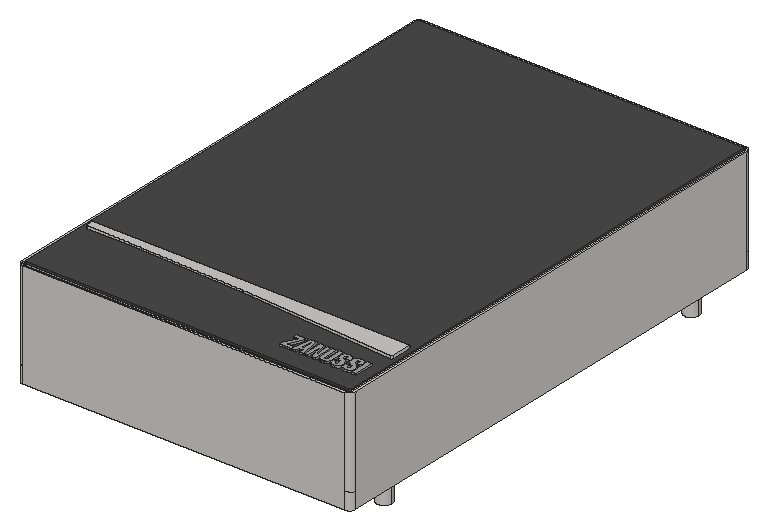
Revit family "QF_ZANUSSI_600889_Z1HDEEOMCS", category Specialty Equipment, Revit 2018
Family settings
  Round Connector Dimension = Use Diameter
  Part Type = Normal
  Work Plane-Based = No
  Always vertical = Yes
  Cut with Voids When Loaded = No
  Shared = No
  Room Calculation Point = No
Parameters (values of type "Standard")
  Watts = 0 W
  Volts = 220 V
  URL = "http://www.zanussiprofessional.com"
  Steam Supply Size = 0 mm
  Steam Supply Minimum Pressure = 0.0 Pa
  Steam Supply Maximum Pressure = 0.0 Pa
  Steam Pounds per Hour = 0
  Show Logo [instance] = yes
  Manufacturer = "Zanussi"
  Phase = 1
  Model = "Z1HDEEOMCS"
  Item Number = "600889"
  Hot Water Size = 0 mm
  HP = "4.7 HP"
  Gas Size = 0 mm
  Gas KW = 0
  Direct Waste Size = 0 mm
  Description = "PLUG-IN INDUCTION MONO ZONE COOK TOP"
  Cycle = 60 Hz
  Condensate Return Size = 0 mm
  Compressed Air Volume = 0.0 L/s
  Compressed Air Size = 0 mm
  Compressed Air Pressure = 0.0 Pa
  Cold Water Size = 0 mm
Types (2, lengths in mm): name | URL | Manufacturer | Phase | Model | Description
  (no name) | 0 | 0 | 0 | 0 | 0
  Standard | "http://www.zanussiprofessional.com" | "Zanussi" | 1 | "Z1HDEEOMCS" | "PLUG-IN INDUCTION MONO ZONE COOK TOP"
Values of the unnamed type that differ from the named types
  Volts = 0 V
  Item Number = ""
  Cycle = 0 Hz
Reference planes
  plane 1 "Centro (Fronte/Retro)": y = 74.737
  plane 2: z = 0
  plane 3: x = -514.269
  plane 4 "LEFT": x = -714.269
  plane 5 "RIGHT": x = -314.269
  plane 6 "BACK": y = 374.737
  plane 7 "FRONT": y = -225.263
  plane 8: x = -712.269
  plane 9: y = 372.737
  plane 10: x = -316.269
  plane 11: y = -223.263
  plane 12: y = -124.263
  plane 13: x = -698.269
  plane 14: x = -330.269
  plane 15: y = 304.737
  plane 16: y = -155.263
  plane 17: x = -442.269
  plane 18: y = 179.737
  plane 19: z = 764
Forms (mm)
  Extrusion 1, solid, material "QF_Finishes_Stainless Steel"
    sketch origin (0, 0, 788) x (1, 0, 0) y (0, 1, 0)
      loop
        arc (-707.269, 374.737) -> (-712.218, 372.687) -> (-714.269, 367.737) r 7
        line (-714.269, 367.737) -> (-714.269, -218.263)
        arc (-714.269, -218.263) -> (-712.218, -223.213) -> (-707.269, -225.263) r 7
        line (-707.269, -225.263) -> (-321.269, -225.263)
        arc (-321.269, -225.263) -> (-316.319, -223.213) -> (-314.269, -218.263) r 7
        line (-314.269, -218.263) -> (-314.269, 367.737)
        arc (-314.269, 367.737) -> (-316.319, 372.687) -> (-321.269, 374.737) r 7
        line (-321.269, 374.737) -> (-707.269, 374.737)
    from 0 to 20
  Extrusion 2, solid, material "QF_Finishes_Stainless Steel"
    sketch origin (0, 0, 788) x (1, 0, 0) y (0, 1, 0)
      loop
        line (-321.269, 374.737) -> (-707.269, 374.737)
        arc (-707.269, 374.737) -> (-712.218, 372.687) -> (-714.269, 367.737) r 7
        line (-714.269, 367.737) -> (-714.269, -218.263)
        arc (-714.269, -218.263) -> (-712.218, -223.213) -> (-707.269, -225.263) r 7
        line (-707.269, -225.263) -> (-321.269, -225.263)
        arc (-321.269, -225.263) -> (-316.319, -223.213) -> (-314.269, -218.263) r 7
        line (-314.269, -218.263) -> (-314.269, 367.737)
        arc (-314.269, 367.737) -> (-316.319, 372.687) -> (-321.269, 374.737) r 7
      loop
        arc (-707.269, 372.737) -> (-710.804, 371.273) -> (-712.269, 367.737) r 5
        line (-712.269, 367.737) -> (-712.269, -218.263)
        arc (-712.269, -218.263) -> (-710.804, -221.798) -> (-707.269, -223.263) r 5
        line (-707.269, -223.263) -> (-321.269, -223.263)
        arc (-321.269, -223.263) -> (-317.733, -221.798) -> (-316.269, -218.263) r 5
        line (-316.269, -218.263) -> (-316.269, 367.737)
        arc (-316.269, 367.737) -> (-317.733, 371.273) -> (-321.269, 372.737) r 5
        line (-321.269, 372.737) -> (-707.269, 372.737)
    from 20 to 126
  Extrusion 3, solid, material "QF_Finishes_Black"
    sketch origin (0, 0, 914) x (-1, 0, 0) y (0, -1, 0)
      loop
        arc (707.269, -369.737) -> (708.683, -369.151) -> (709.269, -367.737) r 2
        line (709.269, -367.737) -> (709.269, 218.263)
        arc (709.269, 218.263) -> (708.683, 219.677) -> (707.269, 220.263) r 2
        line (707.269, 220.263) -> (321.269, 220.263)
        arc (321.269, 220.263) -> (319.854, 219.677) -> (319.269, 218.263) r 2
        line (319.269, 218.263) -> (319.269, -367.737)
        arc (319.269, -367.737) -> (319.854, -369.151) -> (321.269, -369.737) r 2
        line (321.269, -369.737) -> (707.269, -369.737)
    from 0 to 2
  Extrusion 4, solid, material "QF_Finishes_Stainless Steel"
    sketch origin (0, 0, 914) x (-1, 0, 0) y (0, -1, 0)
      loop
        arc (702.769, 124.263) -> (703.829, 124.702) -> (704.269, 125.763) r 1.5
        line (704.269, 125.763) -> (704.269, 132.763)
        arc (704.269, 132.763) -> (703.829, 133.824) -> (702.769, 134.263) r 1.5
        line (702.769, 134.263) -> (651.769, 134.263)
        arc (651.769, 134.263) -> (582.973, 135.513) -> (514.269, 139.263) r 1893.125
        arc (514.269, 139.263) -> (420.209, 148.26) -> (325.769, 151.263) r 1486.51
        arc (325.769, 151.263) -> (324.708, 150.824) -> (324.269, 149.763) r 1.5
        line (324.269, 149.763) -> (324.269, 125.763)
        arc (324.269, 125.763) -> (324.708, 124.702) -> (325.769, 124.263) r 1.5
        line (325.769, 124.263) -> (702.769, 124.263)
    from 2 to 5
  Extrusion 5, solid, material "QF_Finishes_Stainless Steel"
    sketch origin (0, 0, 140) x (-1, 0, 0) y (0, -1, 0)
      loop
        circle (698.269, -304.737) r 9
      loop
        circle (330.269, -304.737) r 9
      loop
        circle (698.269, 155.263) r 9
      loop
        circle (330.269, 155.263) r 9
    from 624 to 648
  Extrusion 6, solid, material "QF_Finishes_Stainless Steel"
    sketch origin (0, 0, 140) x (-1, 0, 0) y (0, -1, 0)
      loop
        circle (442.269, -179.737) r 10
    from 638.028 to 648
Cuts and joins
  joined: Extrusion 1, Extrusion 2
Lines and regions (mm)
  Split face 1
    outline origin (0, 0, 916) x (-1, 0, 0) y (0, -1, 0)
      loop
        line (324.269, 124.263) -> (324.269, -364.737) -> (704.269, -364.737) -> (704.269, 124.263) -> (324.269, 124.263)
  Split face 2
    outline origin (0, 0, 916) x (-1, 0, 0) y (0, -1, 0)
      loop
        circle (514.269, -120.237) r 139
  symbolic lines
    curve 1: line (-321.269, 374.737, 126) -> (-707.269, 374.737, 126)
    curve 2: arc (-707.269, 374.737, 126) -> (-712.218, 372.687, 126) -> (-714.269, 367.737, 126) r 7
    curve 3: line (-714.269, 367.737, 126) -> (-714.269, -218.263, 126)
    curve 4: arc (-714.269, -218.263, 126) -> (-712.218, -223.213, 126) -> (-707.269, -225.263, 126) r 7
    curve 5: line (-707.269, -225.263, 126) -> (-321.269, -225.263, 126)
    curve 6: arc (-321.269, -225.263, 126) -> (-316.319, -223.213, 126) -> (-314.269, -218.263, 126) r 7
    curve 7: line (-314.269, -218.263, 126) -> (-314.269, 367.737, 126)
    curve 8: arc (-314.269, 367.737, 126) -> (-316.319, 372.687, 126) -> (-321.269, 374.737, 126) r 7
    curve 9: line (-707.269, 372.737, 126) -> (-321.269, 372.737, 126)
    curve 10: arc (-321.269, 372.737, 126) -> (-317.733, 371.273, 126) -> (-316.269, 367.737, 126) r 5
    curve 11: line (-316.269, 367.737, 126) -> (-316.269, -218.263, 126)
    curve 12: arc (-316.269, -218.263, 126) -> (-317.733, -221.798, 126) -> (-321.269, -223.263, 126) r 5
    curve 13: line (-321.269, -223.263, 126) -> (-707.269, -223.263, 126)
    curve 14: arc (-707.269, -223.263, 126) -> (-710.804, -221.798, 126) -> (-712.269, -218.263, 126) r 5
    curve 15: line (-712.269, -218.263, 126) -> (-712.269, 367.737, 126)
    curve 16: arc (-712.269, 367.737, 126) -> (-710.804, 371.273, 126) -> (-707.269, 372.737, 126) r 5
    curve 17: arc (-375.269, 120.237, 126) -> (-514.269, 259.237, 126) -> (-653.269, 120.237, 126) r 139
    curve 18: arc (-653.269, 120.237, 126) -> (-514.269, -18.763, 126) -> (-375.269, 120.237, 126) r 139
    curve 19: line (-324.269, -124.263, 126) -> (-704.269, -124.263, 126)
    curve 20: line (-704.269, 364.737, 126) -> (-704.269, -124.263, 126)
    curve 21: line (-324.269, -124.263, 126) -> (-324.269, 364.737, 126)
    curve 22: line (-324.269, 364.737, 126) -> (-704.269, 364.737, 126)
    curve 23: line (-319.269, -218.263, 126) -> (-319.269, 367.737, 126)
    curve 24: arc (-319.269, 367.737, 126) -> (-319.854, 369.151, 126) -> (-321.269, 369.737, 126) r 2
    curve 25: line (-321.269, 369.737, 126) -> (-707.269, 369.737, 126)
    curve 26: arc (-707.269, 369.737, 126) -> (-708.683, 369.151, 126) -> (-709.269, 367.737, 126) r 2
    curve 27: line (-709.269, 367.737, 126) -> (-709.269, -218.263, 126)
    curve 28: arc (-709.269, -218.263, 126) -> (-708.683, -219.677, 126) -> (-707.269, -220.263, 126) r 2
    curve 29: line (-707.269, -220.263, 126) -> (-321.269, -220.263, 126)
    curve 30: arc (-321.269, -220.263, 126) -> (-319.854, -219.677, 126) -> (-319.269, -218.263, 126) r 2
    curve 31: arc (-702.769, -124.263, 126) -> (-703.829, -124.702, 126) -> (-704.269, -125.763, 126) r 1.5
    curve 32: line (-704.269, -125.763, 126) -> (-704.269, -132.763, 126)
    curve 33: arc (-704.269, -132.763, 126) -> (-703.829, -133.824, 126) -> (-702.769, -134.263, 126) r 1.5
    curve 34: line (-702.769, -134.263, 126) -> (-651.769, -134.263, 126)
    curve 35: arc (-324.269, -125.763, 126) -> (-324.708, -124.702, 126) -> (-325.769, -124.263, 126) r 1.5
    curve 36: line (-324.269, -149.763, 126) -> (-324.269, -125.763, 126)
    curve 37: arc (-325.769, -151.263, 126) -> (-324.708, -150.824, 126) -> (-324.269, -149.763, 126) r 1.5
    curve 38: arc (-651.769, -134.263, 126) -> (-582.973, -135.513, 126) -> (-514.269, -139.263, 126) r 1893.125
    curve 39: arc (-514.269, -139.263, 126) -> (-420.209, -148.26, 126) -> (-325.769, -151.263, 126) r 1486.51
    curve 40: line (-415.208, -176.613, 126) -> (-422.226, -191.352, 126)
    curve 41: line (-422.226, -191.352, 126) -> (-422.226, -196.265, 126)
    curve 42: line (-422.226, -196.265, 126) -> (-409.452, -196.265, 126)
    curve 43: line (-409.452, -196.265, 126) -> (-409.452, -191.352, 126)
    curve 44: line (-409.452, -191.352, 126) -> (-416.821, -191.352, 126)
    curve 45: line (-416.821, -191.352, 126) -> (-409.452, -176.332, 126)
    curve 46: line (-409.452, -176.332, 126) -> (-409.452, -172.261, 126)
    curve 47: line (-409.452, -172.261, 126) -> (-421.665, -172.261, 126)
    curve 48: line (-421.665, -172.261, 126) -> (-421.665, -176.753, 126)
    curve 49: line (-421.665, -176.753, 126) -> (-415.208, -176.613, 126)
    curve 50: line (-404.82, -172.261, 126) -> (-409.452, -196.265, 126)
    curve 51: line (-409.452, -196.265, 126) -> (-404.118, -196.265, 126)
    curve 52: line (-404.118, -196.265, 126) -> (-403.416, -191.633, 126)
    curve 53: line (-403.416, -191.633, 126) -> (-399.346, -191.633, 126)
    curve 54: line (-399.346, -191.633, 126) -> (-398.644, -196.265, 126)
    curve 55: line (-398.644, -196.265, 126) -> (-393.59, -196.265, 126)
    curve 56: line (-393.59, -196.265, 126) -> (-398.082, -172.261, 126)
    curve 57: line (-398.082, -172.261, 126) -> (-404.82, -172.261, 126)
    curve 58: line (-401.451, -176.364, 126) -> (-400.047, -187.281, 126)
    curve 59: line (-400.047, -187.281, 126) -> (-402.855, -187.281, 126)
    curve 60: line (-402.855, -187.281, 126) -> (-401.451, -176.364, 126)
    curve 61: line (-393.59, -172.261, 126) -> (-393.59, -196.265, 126)
    curve 62: line (-393.59, -196.265, 126) -> (-388.958, -196.265, 126)
    curve 63: line (-388.958, -196.265, 126) -> (-388.958, -180.403, 126)
    curve 64: line (-388.958, -180.403, 126) -> (-384.887, -196.265, 126)
    curve 65: line (-384.887, -196.265, 126) -> (-379.553, -196.265, 126)
    curve 66: line (-379.553, -196.265, 126) -> (-379.553, -172.261, 126)
    curve 67: line (-379.553, -172.261, 126) -> (-384.045, -172.261, 126)
    curve 68: line (-384.045, -172.261, 126) -> (-384.045, -187.562, 126)
    curve 69: line (-384.045, -187.562, 126) -> (-388.116, -172.261, 126)
    curve 70: line (-388.116, -172.261, 126) -> (-393.59, -172.261, 126)
    curve 71: line (-378.43, -172.261, 126) -> (-378.43, -188.404, 126)
    curve 72: line (-378.43, -188.404, 126) -> (-378.149, -192.334, 126)
    curve 73: line (-378.149, -192.334, 126) -> (-377.728, -193.317, 126)
    curve 74: line (-377.728, -193.317, 126) -> (-376.745, -194.58, 126)
    curve 75: line (-376.745, -194.58, 126) -> (-375.763, -195.282, 126)
    curve 76: line (-375.763, -195.282, 126) -> (-373.797, -196.124, 126)
    curve 77: line (-373.797, -196.124, 126) -> (-372.815, -196.265, 126)
    curve 78: line (-372.815, -196.265, 126) -> (-370.569, -196.265, 126)
    curve 79: line (-370.569, -196.265, 126) -> (-369.446, -195.984, 126)
    curve 80: line (-369.446, -195.984, 126) -> (-367.761, -195.001, 126)
    curve 81: line (-367.761, -195.001, 126) -> (-365.796, -192.194, 126)
    curve 82: line (-365.796, -192.194, 126) -> (-365.656, -191.211, 126)
    curve 83: line (-365.656, -191.211, 126) -> (-365.656, -172.261, 126)
    curve 84: line (-365.656, -172.261, 126) -> (-370.569, -172.261, 126)
    curve 85: line (-370.569, -172.261, 126) -> (-370.569, -190.088, 126)
    curve 86: line (-370.569, -190.088, 126) -> (-371.13, -191.352, 126)
    curve 87: line (-371.13, -191.352, 126) -> (-372.675, -191.492, 126)
    curve 88: line (-372.675, -191.492, 126) -> (-373.517, -190.509, 126)
    curve 89: line (-373.517, -190.509, 126) -> (-373.517, -172.261, 126)
    curve 90: line (-373.517, -172.261, 126) -> (-378.43, -172.261, 126)
    curve 91: line (-353.163, -184.895, 126) -> (-358.778, -179.841, 126)
    curve 92: line (-358.778, -179.841, 126) -> (-359.479, -178.999, 126)
    curve 93: line (-359.479, -178.999, 126) -> (-359.76, -176.753, 126)
    curve 94: line (-359.76, -176.753, 126) -> (-358.076, -175.911, 126)
    curve 95: line (-358.076, -175.911, 126) -> (-356.672, -176.893, 126)
    curve 96: line (-356.672, -176.893, 126) -> (-356.532, -179.841, 126)
    curve 97: line (-356.532, -179.841, 126) -> (-351.899, -179.841, 126)
    curve 98: line (-351.899, -179.841, 126) -> (-352.18, -175.068, 126)
    curve 99: line (-352.18, -175.068, 126) -> (-355.128, -172.401, 126)
    curve 100: line (-355.128, -172.401, 126) -> (-363.269, -173.805, 126)
    curve 101: line (-363.269, -173.805, 126) -> (-364.252, -180.824, 126)
    curve 102: line (-364.252, -180.824, 126) -> (-362.006, -184.052, 126)
    curve 103: line (-362.006, -184.052, 126) -> (-359.62, -186.158, 126)
    curve 104: line (-359.62, -186.158, 126) -> (-356.672, -189.106, 126)
    curve 105: line (-356.672, -189.106, 126) -> (-357.233, -191.773, 126)
    curve 106: line (-357.233, -191.773, 126) -> (-359.058, -191.913, 126)
    curve 107: line (-359.058, -191.913, 126) -> (-360.041, -187.842, 126)
    curve 108: line (-360.041, -187.842, 126) -> (-364.954, -187.842, 126)
    curve 109: line (-364.954, -187.842, 126) -> (-363.55, -194.44, 126)
    curve 110: line (-363.55, -194.44, 126) -> (-357.374, -196.265, 126)
    curve 111: line (-357.374, -196.265, 126) -> (-351.759, -192.334, 126)
    curve 112: line (-351.759, -192.334, 126) -> (-353.163, -184.895, 126)
    curve 113: line (-339.266, -184.754, 126) -> (-345.161, -179.42, 126)
    curve 114: line (-345.161, -179.42, 126) -> (-345.863, -177.595, 126)
    curve 115: line (-345.863, -177.595, 126) -> (-345.302, -176.191, 126)
    curve 116: line (-345.302, -176.191, 126) -> (-344.038, -175.911, 126)
    curve 117: line (-344.038, -175.911, 126) -> (-342.635, -176.893, 126)
    curve 118: line (-342.635, -176.893, 126) -> (-342.494, -179.701, 126)
    curve 119: line (-342.494, -179.701, 126) -> (-337.722, -179.841, 126)
    curve 120: line (-337.722, -179.841, 126) -> (-338.283, -174.928, 126)
    curve 121: line (-338.283, -174.928, 126) -> (-345.723, -171.98, 126)
    curve 122: line (-345.723, -171.98, 126) -> (-350.215, -175.63, 126)
    curve 123: line (-350.215, -175.63, 126) -> (-348.951, -182.929, 126)
    curve 124: line (-348.951, -182.929, 126) -> (-343.758, -187.562, 126)
    curve 125: line (-343.758, -187.562, 126) -> (-342.635, -189.246, 126)
    curve 126: line (-342.635, -189.246, 126) -> (-343.056, -191.773, 126)
    curve 127: line (-343.056, -191.773, 126) -> (-344.46, -192.054, 126)
    curve 128: line (-344.46, -192.054, 126) -> (-346.003, -187.702, 126)
    curve 129: line (-346.003, -187.702, 126) -> (-350.917, -187.842, 126)
    curve 130: line (-350.917, -187.842, 126) -> (-349.092, -194.721, 126)
    curve 131: line (-349.092, -194.721, 126) -> (-341.091, -195.703, 126)
    curve 132: line (-341.091, -195.703, 126) -> (-338.002, -192.896, 126)
    curve 133: line (-338.002, -192.896, 126) -> (-339.266, -184.754, 126)
    curve 134: line (-331.966, -172.261, 126) -> (-336.879, -172.261, 126)
    curve 135: line (-336.879, -172.261, 126) -> (-336.879, -196.265, 126)
    curve 136: line (-336.879, -196.265, 126) -> (-331.966, -196.265, 126)
    curve 137: line (-331.966, -196.265, 126) -> (-331.966, -172.261, 126)
Dimensions and locks
  equal spacing: plane 4 "LEFT", plane 3, plane 5 "RIGHT"
  plane 4 "LEFT" to plane 5 "RIGHT" = 400 mm
  equal spacing: plane 6 "BACK", plane 1 "Centro (Fronte/Retro)", plane 7 "FRONT"
  plane 6 "BACK" to plane 7 "FRONT" = 600 mm
  locked: plane 4 "LEFT" to plane 13 at 16
  locked: plane 14 to plane 5 "RIGHT" at 16
  locked: plane 6 "BACK" to plane 15 at 70
  locked: plane 16 to plane 7 "FRONT" at 70
  locked: plane 17 to plane 5 "RIGHT" at 128
  locked: plane 6 "BACK" to plane 18 at 195
  Extrusion 4 to Extrusion 5 = 155 mm
  plane 19 to level = 764 mm
  aligned and locked: level to plane 2
  aligned and locked: Extrusion 5 to cut or joined group of Extrusion 1, Extrusion 2
Automatic sketch dimensions
  Extrusion 1 sketch curve to plane 4 "LEFT" = 0 mm
  Extrusion 1 sketch curve to plane 7 "FRONT" = 0 mm
  Extrusion 1 sketch curve to plane 6 "BACK" = 0 mm
  Extrusion 1 sketch curve to plane 5 "RIGHT" = 0 mm
  plane 8 to Extrusion 1 sketch curve = 5 mm  (x2)
  Extrusion 1 sketch curve to plane 10 = 5 mm  (x2)
  Extrusion 2 sketch curve to Extrusion 2 sketch curve = 0 mm  (x8)
  Extrusion 2 sketch curve to plane 4 "LEFT" = 0 mm
  Extrusion 2 sketch curve to plane 8 = 0 mm
  Extrusion 2 sketch curve to plane 6 "BACK" = 0 mm
  Extrusion 2 sketch curve to plane 7 "FRONT" = 0 mm
  Extrusion 2 sketch curve to plane 10 = 0 mm
  Extrusion 2 sketch curve to Extrusion 2 sketch curve = 5 mm  (x2)
  Extrusion 2 sketch curve to plane 10 = 5 mm  (x2)
  Extrusion 3 sketch curve to plane 10 = 3 mm
  Extrusion 3 sketch curve to Extrusion 3 sketch curve = 2 mm  (x3)
  plane 8 to Extrusion 3 sketch curve = 5 mm  (x2)
  Extrusion 3 sketch curve to plane 9 = 3 mm
  plane 11 to Extrusion 3 sketch curve = 5 mm
  Split face 1 sketch curve to Extrusion 3 = 5 mm  (x3)
  Split face 1 sketch curve to Extrusion 3 = 96 mm
  Split face 2 sketch curve to Extrusion 3 = 195 mm
  Split face 2 sketch curve to Extrusion 3 = 249.5 mm
  Extrusion 5 sketch curve to plane 14 = 0 mm  (x2)
  Extrusion 5 sketch curve to plane 13 = 0 mm  (x2)
  Extrusion 5 sketch curve to plane 15 = 0 mm  (x2)
  Extrusion 5 sketch curve to plane 16 = 0 mm  (x2)
  Extrusion 6 sketch curve to plane 17 = 0 mm
  Extrusion 6 sketch curve to plane 18 = 0 mm
  Extrusion 4 sketch curve to plane 12 = 0 mm
  Extrusion 4 sketch curve to plane 3 = 0 mm
  plane 14 to Extrusion 4 sketch curve = 4.5 mm  (x2)
  Extrusion 4 sketch curve to plane 12 = 1.5 mm  (x2)
  plane 13 to Extrusion 4 sketch curve = 46.5 mm
  Extrusion 4 sketch curve to plane 13 = 4.5 mm
  Extrusion 4 sketch curve to Extrusion 4 sketch curve = 1.5 mm
  plane 6 "BACK" to Extrusion 4 sketch curve = 960.51 mm
  Extrusion 4 sketch curve to Extrusion 4 sketch curve = 7 mm
  plane 16 to Extrusion 4 sketch curve = 5.5 mm
  Extrusion 4 sketch curve to plane 7 "FRONT" = 1802.125 mm
  curve 2 to curve 16 = 0 mm
  curve 2 to curve 26 = 0 mm
  curve 4 to curve 14 = 0 mm  (x2)
  curve 4 to curve 28 = 0 mm  (x2)
  curve 6 to curve 12 = 0 mm  (x2)
  curve 6 to curve 30 = 0 mm
  curve 8 to curve 10 = 0 mm  (x2)
  curve 8 to curve 24 = 0 mm
  curve 10 to curve 24 = 0 mm
  curve 12 to curve 30 = 0 mm
  curve 7 to plane 5 "RIGHT" = 0 mm
  curve 10 to plane 10 = 0 mm
  curve 6 to plane 7 "FRONT" = 0 mm
  curve 1 to plane 6 "BACK" = 0 mm
  curve 21 to plane 12 = 0 mm
  curve 18 to plane 3 = 0 mm
  curve 38 to plane 3 = 0 mm
  curve 15 to plane 8 = 0 mm
  curve 23 to plane 10 = 3 mm
  curve 23 to curve 6 = 2 mm
  curve 24 to curve 24 = 2 mm
  curve 10 to curve 22 = 3 mm
  plane 14 to curve 36 = 6 mm
  curve 37 to curve 37 = 1.5 mm
  curve 35 to curve 35 = 1.5 mm
  plane 13 to curve 38 = 46.5 mm
  curve 31 to plane 12 = 1.5 mm
  curve 31 to plane 13 = 4.5 mm
  curve 33 to curve 32 = 1.5 mm
  curve 20 to curve 27 = 5 mm
  curve 16 to curve 27 = 2 mm
  curve 4 to curve 27 = 2 mm
  curve 2 to curve 22 = 3 mm
  curve 18 to plane 1 "Centro (Fronte/Retro)" = 45.5 mm
  curve 31 to curve 33 = 7 mm
  plane 16 to curve 37 = 5.5 mm
  curve 38 to plane 7 "FRONT" = 1802.125 mm
  curve 18 to plane 14 = 45 mm
  plane 6 "BACK" to curve 39 = 960.51 mm
  plane 17 to curve 45 = 32.816 mm
  curve 44 to curve 45 = 0 mm
  curve 46 to curve 49 = 5.755 mm
  curve 44 to curve 44 = 7.368 mm
  curve 49 to curve 47 = 6.457 mm
  curve 45 to curve 41 = 5.406 mm
  curve 47 to plane 16 = 16.998 mm
  curve 46 to curve 46 = 4.071 mm
  curve 46 to curve 49 = 0.281 mm
  curve 48 to curve 49 = 4.492 mm
  curve 49 to curve 41 = 14.599 mm
  curve 41 to curve 44 = 0 mm
  curve 41 to curve 41 = 4.913 mm
  curve 56 to curve 51 = 15.862 mm
  curve 56 to plane 16 = 16.998 mm
  curve 56 to curve 46 = 11.37 mm
  curve 55 to curve 54 = 5.053 mm
  curve 55 to curve 53 = 0.702 mm
  curve 53 to curve 53 = 4.071 mm
  curve 52 to curve 51 = 0.702 mm
  curve 50 to curve 46 = 4.632 mm
  curve 53 to curve 52 = 4.632 mm
  curve 53 to curve 55 = 4.632 mm
  curve 53 to curve 59 = 0.702 mm
  curve 56 to curve 58 = 3.369 mm
  curve 59 to curve 60 = 2.807 mm
  curve 56 to curve 58 = 4.103 mm
  curve 59 to curve 53 = 4.352 mm
  curve 67 to curve 61 = 14.037 mm
  curve 65 to curve 68 = 4.492 mm
  plane 11 to curve 64 = 26.998 mm
  curve 65 to curve 64 = 5.334 mm
  curve 69 to plane 16 = 16.998 mm
  curve 67 to curve 69 = 4.071 mm
  curve 64 to plane 16 = 25.14 mm
  curve 70 to curve 64 = 0.842 mm
  curve 69 to curve 66 = 0 mm
  curve 63 to curve 69 = 7.159 mm
  curve 83 to curve 66 = 13.897 mm
  curve 82 to curve 81 = 0.14 mm
  curve 81 to curve 80 = 1.965 mm
  curve 80 to curve 80 = 1.685 mm
  curve 79 to curve 78 = 1.123 mm
  curve 84 to curve 84 = 4.913 mm
  curve 86 to curve 86 = 0.561 mm
  curve 86 to curve 87 = 1.544 mm
  curve 78 to curve 78 = 2.246 mm
  curve 84 to curve 89 = 2.948 mm
  curve 78 to curve 76 = 0.982 mm
  curve 77 to curve 76 = 1.965 mm
  curve 76 to curve 74 = 0.983 mm
  curve 75 to curve 73 = 0.983 mm
  curve 74 to curve 72 = 0.421 mm
  curve 73 to curve 71 = 0.281 mm
  curve 66 to curve 90 = 0 mm
  curve 89 to curve 85 = 0 mm
  curve 68 to curve 72 = 0.842 mm
  curve 72 to curve 86 = 1.684 mm
  curve 86 to curve 89 = 0.421 mm
  curve 85 to curve 82 = 1.123 mm
  curve 86 to curve 86 = 1.263 mm
  curve 88 to curve 88 = 0.983 mm
  curve 82 to curve 81 = 0.982 mm
  curve 72 to curve 72 = 3.93 mm
  curve 72 to curve 74 = 0.983 mm
  curve 73 to curve 74 = 1.263 mm
  curve 81 to curve 80 = 2.808 mm
  curve 74 to curve 76 = 0.702 mm
  curve 80 to curve 80 = 0.983 mm
  curve 76 to curve 76 = 0.842 mm
  curve 79 to curve 79 = 0.281 mm
  curve 112 to curve 82 = 13.897 mm
  curve 111 to curve 97 = 0.14 mm
  curve 97 to curve 98 = 0.281 mm
  curve 98 to curve 91 = 1.263 mm
  curve 98 to curve 99 = 2.948 mm
  curve 98 to curve 96 = 4.632 mm
  curve 97 to curve 96 = 0.14 mm
  curve 91 to curve 105 = 3.509 mm
  curve 104 to curve 106 = 0.562 mm
  curve 106 to curve 111 = 0.14 mm
  curve 96 to curve 95 = 1.404 mm
  curve 97 to curve 91 = 2.246 mm
  curve 105 to curve 106 = 1.825 mm
  curve 92 to curve 92 = 0.702 mm
  curve 105 to curve 104 = 2.948 mm
  curve 94 to curve 93 = 1.684 mm
  curve 104 to curve 108 = 0.421 mm
  curve 104 to curve 103 = 2.386 mm
  curve 101 to curve 83 = 2.386 mm
  curve 109 to curve 81 = 2.246 mm
  curve 103 to curve 101 = 2.246 mm
  curve 108 to curve 82 = 0.702 mm
  curve 83 to curve 100 = 0.14 mm
  curve 83 to curve 100 = 1.544 mm
  curve 100 to curve 99 = 2.667 mm
  curve 99 to curve 95 = 3.509 mm
  curve 94 to curve 93 = 0.842 mm
  curve 94 to curve 95 = 0.983 mm
  curve 94 to curve 93 = 2.246 mm
  curve 93 to curve 92 = 0.842 mm
  curve 92 to curve 96 = 0 mm
  curve 93 to curve 101 = 1.825 mm
  curve 102 to curve 102 = 3.228 mm
  curve 98 to curve 91 = 5.053 mm
  curve 103 to curve 104 = 2.106 mm
  curve 108 to curve 82 = 3.369 mm
  curve 107 to curve 104 = 1.264 mm
  curve 104 to curve 106 = 2.667 mm
  curve 105 to curve 106 = 0.14 mm
  curve 106 to curve 112 = 0.561 mm
  curve 81 to curve 109 = 2.246 mm
  curve 106 to curve 111 = 4.492 mm
  curve 119 to plane 14 = 7.453 mm
  curve 132 to plane 14 = 7.734 mm
  curve 119 to curve 120 = 0.561 mm
  curve 120 to curve 113 = 1.544 mm
  curve 133 to curve 132 = 3.088 mm
  curve 120 to curve 118 = 4.773 mm
  curve 118 to curve 117 = 0.141 mm
  curve 133 to curve 126 = 3.369 mm
  curve 126 to curve 126 = 0.421 mm
  curve 126 to curve 124 = 1.123 mm
  curve 117 to curve 117 = 1.404 mm
  curve 126 to curve 128 = 1.404 mm
  curve 119 to curve 114 = 2.667 mm
  curve 117 to curve 116 = 1.263 mm
  curve 115 to curve 121 = 0.421 mm
  curve 116 to curve 115 = 0.562 mm
  curve 124 to curve 128 = 2.246 mm
  curve 124 to curve 97 = 2.948 mm
  curve 130 to curve 111 = 2.667 mm
  curve 123 to curve 98 = 1.965 mm
  curve 129 to curve 91 = 2.246 mm
  curve 122 to curve 98 = 3.088 mm
  curve 122 to curve 120 = 2.948 mm
  curve 98 to curve 122 = 0.561 mm
  curve 122 to curve 116 = 3.93 mm
  curve 117 to curve 115 = 0.281 mm
  curve 117 to curve 118 = 0.983 mm
  curve 116 to curve 115 = 1.404 mm
  curve 114 to curve 113 = 1.825 mm
  curve 114 to curve 118 = 0.281 mm
  curve 118 to curve 120 = 0.14 mm
  curve 97 to curve 124 = 3.088 mm
  curve 120 to curve 113 = 4.913 mm
  curve 133 to curve 125 = 2.807 mm
  curve 124 to curve 128 = 0.14 mm
  curve 91 to curve 129 = 2.948 mm
  curve 124 to curve 125 = 1.685 mm
  curve 126 to curve 127 = 2.527 mm
  curve 126 to curve 127 = 0.281 mm
  curve 127 to curve 132 = 1.123 mm
  curve 111 to curve 131 = 2.386 mm
  curve 133 to curve 131 = 2.807 mm
  curve 134 to plane 14 = 1.698 mm
  curve 136 to curve 132 = 1.123 mm
  curve 137 to curve 120 = 2.667 mm
  curve 132 to curve 135 = 3.369 mm
  radius of Split face 2 sketch curve = 139 mm
  radius of Extrusion 5 sketch curve = 9 mm  (x4)
  radius of Extrusion 6 sketch curve = 10 mm
Nested families
  nested 1: "ZAN_Logo_S_Grey" at (-377.096, -184.263, 916), visible <- "Show Logo", type "ZAN_Logo_S_Grey"
Connectors
  electrical at (-442.269, 179.737, 778.028)
    settings: on Extrusion 6, index 1, voltage 0 V, apparent load 0 VA, apparent load phase1 0 VA, apparent load phase2 0 VA, apparent load phase3 0 VA, power factor 1, load classification "Altro", number of poles 1, system type 30, power factor state 1, is connector primary yes, connector utility no, sub classification motor no, connector description "Electrical"
Definition of nested family "ZAN_Logo_S_Grey"
  Parameters (values of type "ZAN_Logo_S_Grey")
    Default Elevation = 0 mm
  Reference planes
    plane 1 "Centro (Fronte/Retro)": y = 0
    plane 2: z = 0
    plane 3 "Centro (Sinistra/Destra)": x = 0
  Forms (mm)
    Extrusion 1, solid
      sketch origin (0, 0, 0) x (1, 0, 0) y (0, 1, 0)
        loop
          line (-1219.2, 1219.2) -> (-1219.2, -1219.2) -> (1219.2, -1219.2) -> (1219.2, 1219.2) -> (-1219.2, 1219.2)
      from 0 to -304.8
    Extrusion 2, solid
      sketch origin (17.793, -46.218, 0) x (-1, 0, 0) y (0, -1, 0)
        loop
          spline (-4.176, -58.079) -> (-3.496, -58.328) -> (-2.793, -58.512) -> (-2.075, -58.63) -> (-1.348, -58.682) -> (-0.619, -58.669) -> (0.106, -58.588) -> (0.818, -58.44) -> (1.512, -58.225) -> (2.18, -57.941) -> (2.817, -57.589) -> (3.414, -57.167) -> (3.966, -56.676)
          spline (3.966, -56.676) -> (4.293, -56.162) -> (4.575, -55.61) -> (4.81, -55.026) -> (5, -54.419) -> (5.146, -53.797) -> (5.247, -53.166) -> (5.304, -52.536) -> (5.318, -51.913) -> (5.288, -51.306) -> (5.217, -50.723) -> (5.103, -50.17) -> (4.949, -49.657)
          line (4.949, -49.657) -> (2.702, -46.428) -> (0.316, -44.323)
          spline (0.316, -44.323) -> (0.065, -44.115) -> (-0.195, -43.909) -> (-0.46, -43.704) -> (-0.729, -43.496) -> (-0.997, -43.282) -> (-1.263, -43.059) -> (-1.523, -42.825) -> (-1.774, -42.576) -> (-2.013, -42.309) -> (-2.238, -42.022) -> (-2.445, -41.712) -> (-2.632, -41.375)
          spline (-2.632, -41.375) -> (-2.666, -41.159) -> (-2.697, -40.934) -> (-2.722, -40.701) -> (-2.736, -40.465) -> (-2.736, -40.227) -> (-2.72, -39.989) -> (-2.682, -39.754) -> (-2.621, -39.524) -> (-2.533, -39.302) -> (-2.414, -39.091) -> (-2.261, -38.892) -> (-2.07, -38.708)
          line (-2.07, -38.708) -> (-0.245, -38.567)
          spline (-0.245, -38.567) -> (0.096, -38.8) -> (0.354, -39.074) -> (0.54, -39.381) -> (0.664, -39.716) -> (0.738, -40.073) -> (0.772, -40.445) -> (0.777, -40.825) -> (0.763, -41.208) -> (0.742, -41.588) -> (0.723, -41.957) -> (0.718, -42.309) -> (0.737, -42.638)
          line (0.737, -42.638) -> (5.65, -42.638)
          spline (5.65, -42.638) -> (5.708, -42.042) -> (5.741, -41.448) -> (5.747, -40.857) -> (5.723, -40.273) -> (5.668, -39.696) -> (5.58, -39.129) -> (5.457, -38.574) -> (5.297, -38.032) -> (5.098, -37.506) -> (4.857, -36.997) -> (4.574, -36.508) -> (4.247, -36.041)
          spline (4.247, -36.041) -> (3.844, -35.675) -> (3.409, -35.35) -> (2.946, -35.065) -> (2.458, -34.819) -> (1.949, -34.612) -> (1.421, -34.444) -> (0.88, -34.314) -> (0.326, -34.221) -> (-0.234, -34.165) -> (-0.8, -34.146) -> (-1.366, -34.163) -> (-1.93, -34.216)
          spline (-1.93, -34.216) -> (-2.526, -34.309) -> (-3.116, -34.448) -> (-3.695, -34.633) -> (-4.259, -34.861) -> (-4.801, -35.131) -> (-5.316, -35.444) -> (-5.799, -35.798) -> (-6.245, -36.191) -> (-6.648, -36.624) -> (-7.002, -37.095) -> (-7.303, -37.603) -> (-7.545, -38.146)
          spline (-7.545, -38.146) -> (-7.694, -38.815) -> (-7.792, -39.487) -> (-7.839, -40.158) -> (-7.836, -40.824) -> (-7.785, -41.482) -> (-7.685, -42.129) -> (-7.539, -42.762) -> (-7.347, -43.377) -> (-7.111, -43.97) -> (-6.83, -44.538) -> (-6.506, -45.078) -> (-6.141, -45.586)
          line (-6.141, -45.586) -> (-0.526, -50.64) -> (0.176, -51.482)
          spline (0.176, -51.482) -> (0.248, -51.66) -> (0.323, -51.843) -> (0.397, -52.03) -> (0.467, -52.22) -> (0.529, -52.412) -> (0.579, -52.605) -> (0.615, -52.798) -> (0.633, -52.989) -> (0.63, -53.179) -> (0.601, -53.366) -> (0.545, -53.55) -> (0.456, -53.728)
          spline (0.456, -53.728) -> (0.375, -53.892) -> (0.273, -54.034) -> (0.154, -54.155) -> (0.02, -54.258) -> (-0.126, -54.343) -> (-0.28, -54.412) -> (-0.441, -54.466) -> (-0.604, -54.508) -> (-0.767, -54.537) -> (-0.928, -54.556) -> (-1.082, -54.567) -> (-1.228, -54.57)
          line (-1.228, -54.57) -> (-2.632, -53.587) -> (-2.772, -50.64) -> (-7.405, -50.64)
          spline (-7.405, -50.64) -> (-7.41, -51.031) -> (-7.423, -51.432) -> (-7.44, -51.839) -> (-7.456, -52.251) -> (-7.469, -52.665) -> (-7.475, -53.079) -> (-7.468, -53.489) -> (-7.446, -53.894) -> (-7.404, -54.291) -> (-7.339, -54.679) -> (-7.247, -55.053) -> (-7.123, -55.412)
          spline (-7.123, -55.412) -> (-6.999, -55.693) -> (-6.837, -55.97) -> (-6.643, -56.244) -> (-6.422, -56.509) -> (-6.177, -56.765) -> (-5.913, -57.009) -> (-5.634, -57.238) -> (-5.346, -57.45) -> (-5.051, -57.643) -> (-4.755, -57.814) -> (-4.462, -57.96) -> (-4.176, -58.079)
        loop
          spline (-21.021, -55.552) -> (-20.633, -56.181) -> (-20.177, -56.736) -> (-19.661, -57.217) -> (-19.092, -57.627) -> (-18.478, -57.966) -> (-17.827, -58.237) -> (-17.147, -58.441) -> (-16.446, -58.578) -> (-15.73, -58.652) -> (-15.009, -58.662) -> (-14.29, -58.611) -> (-13.581, -58.5)
          spline (-13.581, -58.5) -> (-13.088, -58.407) -> (-12.595, -58.269) -> (-12.109, -58.088) -> (-11.636, -57.866) -> (-11.183, -57.605) -> (-10.756, -57.307) -> (-10.361, -56.974) -> (-10.004, -56.608) -> (-9.692, -56.211) -> (-9.431, -55.784) -> (-9.228, -55.33) -> (-9.089, -54.851)
          spline (-9.089, -54.851) -> (-8.873, -54.211) -> (-8.715, -53.559) -> (-8.615, -52.901) -> (-8.574, -52.241) -> (-8.592, -51.585) -> (-8.668, -50.938) -> (-8.802, -50.306) -> (-8.995, -49.693) -> (-9.247, -49.106) -> (-9.557, -48.55) -> (-9.925, -48.03) -> (-10.352, -47.551)
          line (-10.352, -47.551) -> (-15.546, -42.919) -> (-16.669, -41.234)
          spline (-16.669, -41.234) -> (-16.704, -41.021) -> (-16.735, -40.804) -> (-16.761, -40.583) -> (-16.778, -40.361) -> (-16.784, -40.139) -> (-16.774, -39.919) -> (-16.748, -39.701) -> (-16.7, -39.488) -> (-16.63, -39.28) -> (-16.533, -39.08) -> (-16.406, -38.889) -> (-16.248, -38.708)
          line (-16.248, -38.708) -> (-14.844, -38.427)
          spline (-14.844, -38.427) -> (-14.347, -38.545) -> (-13.969, -38.749) -> (-13.695, -39.028) -> (-13.508, -39.368) -> (-13.393, -39.757) -> (-13.335, -40.182) -> (-13.318, -40.63) -> (-13.326, -41.089) -> (-13.344, -41.546) -> (-13.356, -41.988) -> (-13.347, -42.403) -> (-13.3, -42.779)
          line (-13.3, -42.779) -> (-8.387, -42.638)
          spline (-8.387, -42.638) -> (-8.326, -42.034) -> (-8.288, -41.417) -> (-8.277, -40.794) -> (-8.299, -40.169) -> (-8.357, -39.548) -> (-8.457, -38.936) -> (-8.604, -38.339) -> (-8.803, -37.762) -> (-9.058, -37.21) -> (-9.375, -36.689) -> (-9.758, -36.204) -> (-10.212, -35.76)
          spline (-10.212, -35.76) -> (-10.793, -35.336) -> (-11.409, -34.976) -> (-12.054, -34.679) -> (-12.723, -34.445) -> (-13.409, -34.273) -> (-14.107, -34.163) -> (-14.811, -34.115) -> (-15.515, -34.127) -> (-16.213, -34.2) -> (-16.899, -34.333) -> (-17.568, -34.526) -> (-18.213, -34.777)
          spline (-18.213, -34.777) -> (-18.496, -34.897) -> (-18.783, -35.044) -> (-19.071, -35.216) -> (-19.357, -35.412) -> (-19.639, -35.629) -> (-19.915, -35.865) -> (-20.182, -36.119) -> (-20.438, -36.389) -> (-20.681, -36.672) -> (-20.907, -36.967) -> (-21.115, -37.272) -> (-21.301, -37.585)
          spline (-21.301, -37.585) -> (-21.55, -38.26) -> (-21.734, -38.948) -> (-21.854, -39.647) -> (-21.91, -40.351) -> (-21.901, -41.057) -> (-21.828, -41.761) -> (-21.69, -42.459) -> (-21.489, -43.148) -> (-21.222, -43.823) -> (-20.892, -44.48) -> (-20.497, -45.116) -> (-20.038, -45.726)
          line (-20.038, -45.726) -> (-14.142, -51.061) -> (-13.44, -52.886) -> (-14.002, -54.289) -> (-15.265, -54.57) -> (-16.669, -53.587) -> (-16.81, -50.78) -> (-21.582, -50.64)
          spline (-21.582, -50.64) -> (-21.558, -51.063) -> (-21.55, -51.491) -> (-21.554, -51.92) -> (-21.561, -52.35) -> (-21.567, -52.778) -> (-21.565, -53.201) -> (-21.547, -53.619) -> (-21.509, -54.029) -> (-21.444, -54.43) -> (-21.345, -54.818) -> (-21.206, -55.193) -> (-21.021, -55.552)
        loop
          line (-22.424, -34.216) -> (-27.337, -34.216) -> (-27.337, -58.22) -> (-22.424, -58.22) -> (-22.424, -34.216)
        loop
          line (14.213, -39.971) -> (14.213, -58.22) -> (19.126, -58.22) -> (19.126, -42.077) -> (18.845, -38.146) -> (18.424, -37.164) -> (17.442, -35.9) -> (16.459, -35.199) -> (14.494, -34.356) -> (13.511, -34.216) -> (11.265, -34.216) -> (10.142, -34.497) -> (8.458, -35.479) -> (6.493, -38.287) -> (6.352, -39.269) -> (6.352, -58.22) -> (11.265, -58.22) -> (11.265, -40.392) -> (11.827, -39.129) -> (13.371, -38.988) -> (14.213, -39.971)
        loop
          line (20.249, -58.22) -> (24.741, -58.22) -> (24.741, -42.919) -> (28.812, -58.22) -> (34.006, -58.22) -> (34.006, -34.216) -> (29.654, -34.216) -> (29.654, -50.078) -> (25.583, -34.216) -> (20.249, -34.216) -> (20.249, -58.22)
        loop
          line (50.149, -58.22) -> (62.361, -58.22) -> (62.361, -53.728) -> (55.904, -53.868) -> (62.923, -39.129) -> (62.923, -34.216) -> (50.149, -34.216) -> (50.149, -39.129) -> (57.517, -39.129) -> (50.149, -54.149) -> (50.149, -58.22)
        loop
          line (38.778, -58.22) -> (45.516, -58.22) -> (49.868, -34.216) -> (44.814, -34.216) -> (44.113, -38.848) -> (40.042, -38.848) -> (39.34, -34.216) -> (34.286, -34.216) -> (38.778, -58.22)
        loop
          line (43.551, -43.2) -> (40.744, -43.2) -> (42.147, -54.117) -> (43.551, -43.2)
      from 0 to 1.644
  Dimensions and locks
    aligned and locked: plane 2 to Extrusion 1
    aligned and locked: level to Extrusion 1
